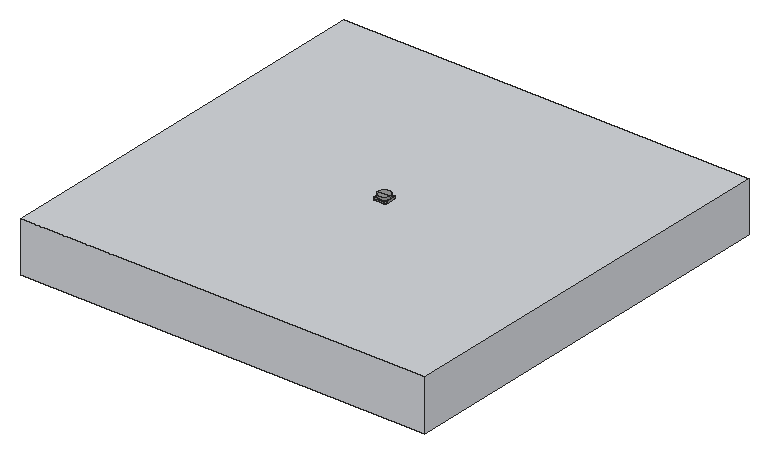
Revit family "Hekatron_Feststellanlagen_ASS 75_DE_22.01", category Brandmelder, Revit 2018
Family settings
  Basisbauteil = Fläche
  Beschriftungsausrichtung beibehalten = Ja
  Bemaßung runder Anschluss = Durchmesser verwenden
  Teiletyp = Normal
  OmniClass-Nummer = 23.85.30.21
  OmniClass-Titel = Environmental Detection/Registration
  Beim Laden mit Abzugskörper schneiden = Nein
  Gemeinsam genutzt = Nein
  Raumberechnungspunkt = Nein
Parameters (values of type "ASS 75")
  Zulässige Umgebungstemperatur = ""
  Zulässige Luftgeschwindigkeit = ""
  Zulassungen nach EN 54 = ""
  Width [instance] = 75 mm
  Version des BIM Objektes = "22.01"
  VdS-Anerkennung = ""
  URL = "https://www.hekatron-brandschutz.de"
  UB A&S Artikel Nummer = "6500025"
  Typenkommentare = "Ankerplatte ASS 75"
  Tiefe (mm) = "75.0"
  Stromaufnahme = ""
  Schutzart = ""
  Rauchteil einstellbar = ""
  Nettogewicht (g) = ""
  Montageart = "Türmontage"
  Modell = "ASS 75"
  Material = "Kunststoff\nMetall"
  Link zum Datenblatt = ""
  Link zu ausschreiben.de = "http://www.ausschreiben.de/katalog/Hekatron/position/78"
  Link zu Produktinformation = "https://www.hekatron-planungstools.de/Produktinfo/ASS_75.PDF"
  Link zu Ausschreibungstext = "https://www.meinhplus.de/login"
  Leistungserklärung (DoP) = ""
  Lautstärke DIN-Ton (dB) = ""
  Kabeleinführung = ""
  Höhe (mm) = "26.0"
  Hersteller = "Hekatron"
  Heigth [instance] = 75 mm
  Funktionsprinzip = ""
  Farbe = "silber/schwarz"
  Ex-Zonen = ""
  Einstellung Temperaturklasse nach EN 54-5 = ""
  Einstellung Temperaturindex nach EN 54-5 = ""
  Einstellung Rauchempfindlichkeit nach EN 54-20 = ""
  Einstellen Rauchempfindlichkeit nach EN 54-7 = ""
  EG-Konformitätszertifikat / Zertifikat der Leistungsbeständigkeit = ""
  Durchmesser (mm) = ""
  Depth [instance] = 26 mm
  Vorgabe-Ansicht = 1200 mm
  Breite (mm) = "75.0"
  Betriebsspannung = ""
  Beschreibung = "Ankerplatte, Durchmesser 75mm, passend zum THM 425-1 und 433-1."
  Bauartgenehmigungen = ""
  Anzahl Ansaugleitungen = ""
  Ansprechtemperatur = ""
  Alarm- & Empfindlichkeitsbereich = ""
Reference planes
  plane 1 "Center (Front/Back)": y = 0
  plane 2: z = 0
  plane 3 "Center (Left/Right)": x = 0
Forms (mm)
  Extrusion 1, solid
    sketch origin (0, 0, 0) x (1, 0, 0) y (0, 1, 0)
      loop
        line (-1219.2, 1219.2) -> (-1219.2, -1219.2) -> (1219.2, -1219.2) -> (1219.2, 1219.2) -> (-1219.2, 1219.2)
    from 0 to -304.8
  Revolve 2, solid, material "Silver"
    sketch origin (0, 0, 18) x (-1, 0, 0) y (0, 0, -1)
      loop
        line (0, 10) -> (-16, 10) -> (-14.944, 4.012)
        arc (-14.944, 4.012) -> (-14.32, 2.88) -> (-13.134, 2.366) r 2
        arc (-13.134, 2.366) -> (-8.571, 2.091) -> (-4, 2) r 114.26
        line (-4, 2) -> (-37.5, 2) -> (-37.5, -8) -> (0, -8) -> (0, 10)
      axis (0, 10) -> (0, -8)
    angle from 0 to 360
  Extrusion 3, solid, material "Steel, Carbon"
    sketch origin (0, 0, 0) x (1, 0, 0) y (0, 1, 0)
      loop
        line (30, 37.5) -> (-30, 37.5)
        arc (-30, 37.5) -> (-35.303, 35.303) -> (-37.5, 30) r 7.5
        line (-37.5, 30) -> (-37.5, -30)
        arc (-37.5, -30) -> (-35.303, -35.303) -> (-30, -37.5) r 7.5
        line (-30, -37.5) -> (30, -37.5)
        arc (30, -37.5) -> (35.303, -35.303) -> (37.5, -30) r 7.5
        line (37.5, -30) -> (37.5, 30)
        arc (37.5, 30) -> (35.303, 35.303) -> (30, 37.5) r 7.5
    from 0.8 to 8
  Extrusion 4, solid, material "Steel, Carbon"
    sketch origin (0, 0, 0) x (1, 0, 0) y (0, 1, 0)
      loop
        circle (30, 30) r 7.5
      loop
        circle (-30, 30) r 7.5
      loop
        circle (30, -30) r 7.5
      loop
        circle (-30, -30) r 7.5
    from 0 to 0.8
  Revolve 5, void
    sketch origin (0, -30, 0) x (1, 0, 0) y (0, 0, -1)
      loop
        line (-24.75, -8) -> (-27.25, -5.5) -> (-27.25, 0) -> (-30, 0) -> (-30, -8) -> (-24.75, -8)
      axis (-30, 0) -> (-30, -8)
    angle from 0 to 360
  Blend 6, void
    base sketch origin (0, 0, 0) x (1, 0, 0) y (0, 1, 0)
      loop
        line (20, 32.5) -> (5, 32.5)
        arc (5, 32.5) -> (3.232, 31.768) -> (2.5, 30) r 2.5
        line (2.5, 30) -> (2.5, 16.771)
        arc (2.5, 16.771) -> (2.996, 15.276) -> (4.286, 14.375) r 2.5
        arc (4.286, 14.375) -> (5.74, 13.858) -> (7.134, 13.195) r 15
        arc (7.134, 13.195) -> (8.684, 12.92) -> (10.091, 13.626) r 2.5
        line (10.091, 13.626) -> (22.109, 25.644)
        arc (22.109, 25.644) -> (22.756, 26.765) -> (22.756, 28.059) r 2.5
        arc (22.756, 28.059) -> (22.564, 29.021) -> (22.5, 30) r 7.5
        arc (22.5, 30) -> (21.768, 31.768) -> (20, 32.5) r 2.5
    top sketch origin (0, 0, 0) x (1, 0, 0) y (0, 1, 0)
      loop
        line (20, 31.1) -> (5, 31.1)
        arc (5, 31.1) -> (4.222, 30.778) -> (3.9, 30) r 1.1
        line (3.9, 30) -> (3.9, 16.771)
        arc (3.9, 16.771) -> (4.118, 16.113) -> (4.686, 15.716) r 1.1
        arc (4.686, 15.716) -> (6.276, 15.152) -> (7.8, 14.426) r 16.4
        arc (7.8, 14.426) -> (8.482, 14.306) -> (9.101, 14.616) r 1.1
        line (9.101, 14.616) -> (21.119, 26.634)
        arc (21.119, 26.634) -> (21.403, 27.127) -> (21.403, 27.697) r 1.1
        arc (21.403, 27.697) -> (21.176, 28.838) -> (21.1, 30) r 8.9
        arc (21.1, 30) -> (20.778, 30.778) -> (20, 31.1) r 1.1
    from 0.8 to 3
  Blend 7, void
    base sketch origin (0, 0, 0) x (1, 0, 0) y (0, 1, 0)
      loop
        circle (0, 0) r 6.985
    top sketch origin (0, 0, 0) x (1, 0, 0) y (0, 1, 0)
      loop
        circle (0, 0) r 7.858
    from 4.17 to 0.8
  Sweep 8, void
    path in 3D
      loop
        arc (-37.5, -30, 8) -> (-35.303, -35.303, 8) -> (-30, -37.5, 8) r 7.5
        line (-30, -37.5, 8) -> (30, -37.5, 8)
        arc (30, -37.5, 8) -> (35.303, -35.303, 8) -> (37.5, -30, 8) r 7.5
        line (37.5, -30, 8) -> (37.5, 30, 8)
        arc (37.5, 30, 8) -> (35.303, 35.303, 8) -> (30, 37.5, 8) r 7.5
        line (30, 37.5, 8) -> (-30, 37.5, 8)
        arc (-30, 37.5, 8) -> (-35.303, 35.303, 8) -> (-37.5, 30, 8) r 7.5
        line (-37.5, 30, 8) -> (-37.5, -30, 8)
    profile origin (-37.5, 0, 8) x (1, 0, 0) y (0, 0, 1)
      loop
        line (0, 0) -> (0, -1)
        arc (0, -1) -> (0.293, -0.293) -> (1, 0) r 1
        line (1, 0) -> (0, 0)
  Blend 9, void
    base sketch origin (0, 0, 0) x (-1, 0, 0) y (0, -1, 0)
      loop
        arc (20, -32.5) -> (21.768, -31.768) -> (22.5, -30) r 2.5
        arc (22.5, -30) -> (22.564, -29.021) -> (22.756, -28.059) r 7.5
        arc (22.756, -28.059) -> (22.756, -26.765) -> (22.109, -25.644) r 2.5
        line (22.109, -25.644) -> (10.091, -13.626)
        arc (10.091, -13.626) -> (8.684, -12.92) -> (7.134, -13.195) r 2.5
        arc (7.134, -13.195) -> (5.74, -13.858) -> (4.286, -14.375) r 15
        arc (4.286, -14.375) -> (2.996, -15.276) -> (2.5, -16.771) r 2.5
        line (2.5, -16.771) -> (2.5, -30)
        arc (2.5, -30) -> (3.232, -31.768) -> (5, -32.5) r 2.5
        line (5, -32.5) -> (20, -32.5)
    top sketch origin (0, 0, 0) x (-1, 0, 0) y (0, -1, 0)
      loop
        arc (20, -31.1) -> (20.778, -30.778) -> (21.1, -30) r 1.1
        arc (21.1, -30) -> (21.176, -28.838) -> (21.403, -27.697) r 8.9
        arc (21.403, -27.697) -> (21.403, -27.127) -> (21.119, -26.634) r 1.1
        line (21.119, -26.634) -> (9.101, -14.616)
        arc (9.101, -14.616) -> (8.482, -14.306) -> (7.8, -14.426) r 1.1
        arc (7.8, -14.426) -> (6.276, -15.152) -> (4.686, -15.716) r 16.4
        arc (4.686, -15.716) -> (4.118, -16.113) -> (3.9, -16.771) r 1.1
        line (3.9, -16.771) -> (3.9, -30)
        arc (3.9, -30) -> (4.222, -30.778) -> (5, -31.1) r 1.1
        line (5, -31.1) -> (20, -31.1)
    from 0.8 to 3
  Blend 10, void
    base sketch origin (0, 0, 0) x (1, 0, 0) y (0, 1, 0)
      loop
        arc (20, -32.5) -> (21.768, -31.768) -> (22.5, -30) r 2.5
        arc (22.5, -30) -> (22.564, -29.021) -> (22.756, -28.059) r 7.5
        arc (22.756, -28.059) -> (22.756, -26.765) -> (22.109, -25.644) r 2.5
        line (22.109, -25.644) -> (10.091, -13.626)
        arc (10.091, -13.626) -> (8.684, -12.92) -> (7.134, -13.195) r 2.5
        arc (7.134, -13.195) -> (5.74, -13.858) -> (4.286, -14.375) r 15
        arc (4.286, -14.375) -> (2.996, -15.276) -> (2.5, -16.771) r 2.5
        line (2.5, -16.771) -> (2.5, -30)
        arc (2.5, -30) -> (3.232, -31.768) -> (5, -32.5) r 2.5
        line (5, -32.5) -> (20, -32.5)
    top sketch origin (0, 0, 0) x (1, 0, 0) y (0, 1, 0)
      loop
        arc (20, -31.1) -> (20.778, -30.778) -> (21.1, -30) r 1.1
        arc (21.1, -30) -> (21.176, -28.838) -> (21.403, -27.697) r 8.9
        arc (21.403, -27.697) -> (21.403, -27.127) -> (21.119, -26.634) r 1.1
        line (21.119, -26.634) -> (9.101, -14.616)
        arc (9.101, -14.616) -> (8.482, -14.306) -> (7.8, -14.426) r 1.1
        arc (7.8, -14.426) -> (6.276, -15.152) -> (4.686, -15.716) r 16.4
        arc (4.686, -15.716) -> (4.118, -16.113) -> (3.9, -16.771) r 1.1
        line (3.9, -16.771) -> (3.9, -30)
        arc (3.9, -30) -> (4.222, -30.778) -> (5, -31.1) r 1.1
        line (5, -31.1) -> (20, -31.1)
    from 0.8 to 3
  Blend 11, void
    base sketch origin (0, 0, 0) x (-1, 0, 0) y (0, -1, 0)
      loop
        line (20, 32.5) -> (5, 32.5)
        arc (5, 32.5) -> (3.232, 31.768) -> (2.5, 30) r 2.5
        line (2.5, 30) -> (2.5, 16.771)
        arc (2.5, 16.771) -> (2.996, 15.276) -> (4.286, 14.375) r 2.5
        arc (4.286, 14.375) -> (5.74, 13.858) -> (7.134, 13.195) r 15
        arc (7.134, 13.195) -> (8.684, 12.92) -> (10.091, 13.626) r 2.5
        line (10.091, 13.626) -> (22.109, 25.644)
        arc (22.109, 25.644) -> (22.756, 26.765) -> (22.756, 28.059) r 2.5
        arc (22.756, 28.059) -> (22.564, 29.021) -> (22.5, 30) r 7.5
        arc (22.5, 30) -> (21.768, 31.768) -> (20, 32.5) r 2.5
    top sketch origin (0, 0, 0) x (-1, 0, 0) y (0, -1, 0)
      loop
        line (20, 31.1) -> (5, 31.1)
        arc (5, 31.1) -> (4.222, 30.778) -> (3.9, 30) r 1.1
        line (3.9, 30) -> (3.9, 16.771)
        arc (3.9, 16.771) -> (4.118, 16.113) -> (4.686, 15.716) r 1.1
        arc (4.686, 15.716) -> (6.276, 15.152) -> (7.8, 14.426) r 16.4
        arc (7.8, 14.426) -> (8.482, 14.306) -> (9.101, 14.616) r 1.1
        line (9.101, 14.616) -> (21.119, 26.634)
        arc (21.119, 26.634) -> (21.403, 27.127) -> (21.403, 27.697) r 1.1
        arc (21.403, 27.697) -> (21.176, 28.838) -> (21.1, 30) r 8.9
        arc (21.1, 30) -> (20.778, 30.778) -> (20, 31.1) r 1.1
    from 0.8 to 3
  Blend 12, void
    base sketch origin (0, 0, 0) x (0, 1, 0) y (-1, 0, 0)
      loop
        arc (20, -32.5) -> (21.768, -31.768) -> (22.5, -30) r 2.5
        arc (22.5, -30) -> (22.564, -29.021) -> (22.756, -28.059) r 7.5
        arc (22.756, -28.059) -> (22.756, -26.765) -> (22.109, -25.644) r 2.5
        line (22.109, -25.644) -> (10.091, -13.626)
        arc (10.091, -13.626) -> (8.684, -12.92) -> (7.134, -13.195) r 2.5
        arc (7.134, -13.195) -> (5.74, -13.858) -> (4.286, -14.375) r 15
        arc (4.286, -14.375) -> (2.996, -15.276) -> (2.5, -16.771) r 2.5
        line (2.5, -16.771) -> (2.5, -30)
        arc (2.5, -30) -> (3.232, -31.768) -> (5, -32.5) r 2.5
        line (5, -32.5) -> (20, -32.5)
    top sketch origin (0, 0, 0) x (0, 1, 0) y (-1, 0, 0)
      loop
        arc (20, -31.1) -> (20.778, -30.778) -> (21.1, -30) r 1.1
        arc (21.1, -30) -> (21.176, -28.838) -> (21.403, -27.697) r 8.9
        arc (21.403, -27.697) -> (21.403, -27.127) -> (21.119, -26.634) r 1.1
        line (21.119, -26.634) -> (9.101, -14.616)
        arc (9.101, -14.616) -> (8.482, -14.306) -> (7.8, -14.426) r 1.1
        arc (7.8, -14.426) -> (6.276, -15.152) -> (4.686, -15.716) r 16.4
        arc (4.686, -15.716) -> (4.118, -16.113) -> (3.9, -16.771) r 1.1
        line (3.9, -16.771) -> (3.9, -30)
        arc (3.9, -30) -> (4.222, -30.778) -> (5, -31.1) r 1.1
        line (5, -31.1) -> (20, -31.1)
    from 0.8 to 3
  Blend 13, void
    base sketch origin (0, 0, 0) x (0, -1, 0) y (1, 0, 0)
      loop
        line (20, 32.5) -> (5, 32.5)
        arc (5, 32.5) -> (3.232, 31.768) -> (2.5, 30) r 2.5
        line (2.5, 30) -> (2.5, 16.771)
        arc (2.5, 16.771) -> (2.996, 15.276) -> (4.286, 14.375) r 2.5
        arc (4.286, 14.375) -> (5.74, 13.858) -> (7.134, 13.195) r 15
        arc (7.134, 13.195) -> (8.684, 12.92) -> (10.091, 13.626) r 2.5
        line (10.091, 13.626) -> (22.109, 25.644)
        arc (22.109, 25.644) -> (22.756, 26.765) -> (22.756, 28.059) r 2.5
        arc (22.756, 28.059) -> (22.564, 29.021) -> (22.5, 30) r 7.5
        arc (22.5, 30) -> (21.768, 31.768) -> (20, 32.5) r 2.5
    top sketch origin (0, 0, 0) x (0, -1, 0) y (1, 0, 0)
      loop
        line (20, 31.1) -> (5, 31.1)
        arc (5, 31.1) -> (4.222, 30.778) -> (3.9, 30) r 1.1
        line (3.9, 30) -> (3.9, 16.771)
        arc (3.9, 16.771) -> (4.118, 16.113) -> (4.686, 15.716) r 1.1
        arc (4.686, 15.716) -> (6.276, 15.152) -> (7.8, 14.426) r 16.4
        arc (7.8, 14.426) -> (8.482, 14.306) -> (9.101, 14.616) r 1.1
        line (9.101, 14.616) -> (21.119, 26.634)
        arc (21.119, 26.634) -> (21.403, 27.127) -> (21.403, 27.697) r 1.1
        arc (21.403, 27.697) -> (21.176, 28.838) -> (21.1, 30) r 8.9
        arc (21.1, 30) -> (20.778, 30.778) -> (20, 31.1) r 1.1
    from 0.8 to 3
  Blend 14, void
    base sketch origin (0, 0, 0) x (0, 1, 0) y (-1, 0, 0)
      loop
        line (20, 32.5) -> (5, 32.5)
        arc (5, 32.5) -> (3.232, 31.768) -> (2.5, 30) r 2.5
        line (2.5, 30) -> (2.5, 16.771)
        arc (2.5, 16.771) -> (2.996, 15.276) -> (4.286, 14.375) r 2.5
        arc (4.286, 14.375) -> (5.74, 13.858) -> (7.134, 13.195) r 15
        arc (7.134, 13.195) -> (8.684, 12.92) -> (10.091, 13.626) r 2.5
        line (10.091, 13.626) -> (22.109, 25.644)
        arc (22.109, 25.644) -> (22.756, 26.765) -> (22.756, 28.059) r 2.5
        arc (22.756, 28.059) -> (22.564, 29.021) -> (22.5, 30) r 7.5
        arc (22.5, 30) -> (21.768, 31.768) -> (20, 32.5) r 2.5
    top sketch origin (0, 0, 0) x (0, 1, 0) y (-1, 0, 0)
      loop
        line (20, 31.1) -> (5, 31.1)
        arc (5, 31.1) -> (4.222, 30.778) -> (3.9, 30) r 1.1
        line (3.9, 30) -> (3.9, 16.771)
        arc (3.9, 16.771) -> (4.118, 16.113) -> (4.686, 15.716) r 1.1
        arc (4.686, 15.716) -> (6.276, 15.152) -> (7.8, 14.426) r 16.4
        arc (7.8, 14.426) -> (8.482, 14.306) -> (9.101, 14.616) r 1.1
        line (9.101, 14.616) -> (21.119, 26.634)
        arc (21.119, 26.634) -> (21.403, 27.127) -> (21.403, 27.697) r 1.1
        arc (21.403, 27.697) -> (21.176, 28.838) -> (21.1, 30) r 8.9
        arc (21.1, 30) -> (20.778, 30.778) -> (20, 31.1) r 1.1
    from 0.8 to 3
  Blend 15, void
    base sketch origin (0, 0, 0) x (0, -1, 0) y (1, 0, 0)
      loop
        arc (20, -32.5) -> (21.768, -31.768) -> (22.5, -30) r 2.5
        arc (22.5, -30) -> (22.564, -29.021) -> (22.756, -28.059) r 7.5
        arc (22.756, -28.059) -> (22.756, -26.765) -> (22.109, -25.644) r 2.5
        line (22.109, -25.644) -> (10.091, -13.626)
        arc (10.091, -13.626) -> (8.684, -12.92) -> (7.134, -13.195) r 2.5
        arc (7.134, -13.195) -> (5.74, -13.858) -> (4.286, -14.375) r 15
        arc (4.286, -14.375) -> (2.996, -15.276) -> (2.5, -16.771) r 2.5
        line (2.5, -16.771) -> (2.5, -30)
        arc (2.5, -30) -> (3.232, -31.768) -> (5, -32.5) r 2.5
        line (5, -32.5) -> (20, -32.5)
    top sketch origin (0, 0, 0) x (0, -1, 0) y (1, 0, 0)
      loop
        arc (20, -31.1) -> (20.778, -30.778) -> (21.1, -30) r 1.1
        arc (21.1, -30) -> (21.176, -28.838) -> (21.403, -27.697) r 8.9
        arc (21.403, -27.697) -> (21.403, -27.127) -> (21.119, -26.634) r 1.1
        line (21.119, -26.634) -> (9.101, -14.616)
        arc (9.101, -14.616) -> (8.482, -14.306) -> (7.8, -14.426) r 1.1
        arc (7.8, -14.426) -> (6.276, -15.152) -> (4.686, -15.716) r 16.4
        arc (4.686, -15.716) -> (4.118, -16.113) -> (3.9, -16.771) r 1.1
        line (3.9, -16.771) -> (3.9, -30)
        arc (3.9, -30) -> (4.222, -30.778) -> (5, -31.1) r 1.1
        line (5, -31.1) -> (20, -31.1)
    from 0.8 to 3
  Revolve 16, void
    sketch origin (0, -30, 0) x (-1, 0, 0) y (0, 0, 1)
      loop
        line (-24.75, 8) -> (-30, 8) -> (-30, 0) -> (-27.25, 0) -> (-27.25, 5.5) -> (-24.75, 8)
      axis (-30, 0) -> (-30, 8)
    angle from 0 to 360
  Revolve 17, void
    sketch origin (0, 30, 0) x (1, 0, 0) y (0, 0, 1)
      loop
        line (-24.75, 8) -> (-30, 8) -> (-30, 0) -> (-27.25, 0) -> (-27.25, 5.5) -> (-24.75, 8)
      axis (-30, 0) -> (-30, 8)
    angle from 0 to 360
  Revolve 18, void
    sketch origin (0, 30, 0) x (-1, 0, 0) y (0, 0, -1)
      loop
        line (-24.75, -8) -> (-27.25, -5.5) -> (-27.25, 0) -> (-30, 0) -> (-30, -8) -> (-24.75, -8)
      axis (-30, 0) -> (-30, -8)
    angle from 0 to 360
Cuts and joins
  Revolve 5, Blend 6, Blend 7, Sweep 8, Blend 9, Blend 10, Blend 11, Blend 12, Blend 13, Blend 14, Blend 15, Revolve 16, Revolve 17, Revolve 18 cuts Extrusion 3
  Revolve 5, Blend 9, Blend 10, Blend 11, Blend 12, Blend 13, Blend 14, Blend 15, Revolve 16, Revolve 17, Revolve 18 cuts Extrusion 4
Lines and regions (mm)
  sketch lines
    curve 1: line (-37.5, 30, 8) -> (-37.5, -30, 8)
    curve 2: arc (-37.5, 30, 8) -> (-35.303, 35.303, 8) -> (-30, 37.5, 8) r 7.5
    curve 3: line (30, 37.5, 8) -> (-30, 37.5, 8)
    curve 4: arc (-30, -37.5, 8) -> (-35.303, -35.303, 8) -> (-37.5, -30, 8) r 7.5
    curve 5: line (-30, -37.5, 8) -> (30, -37.5, 8)
    curve 6: arc (37.5, -30, 8) -> (35.303, -35.303, 8) -> (30, -37.5, 8) r 7.5
    curve 7: line (37.5, -30, 8) -> (37.5, 30, 8)
    curve 8: arc (30, 37.5, 8) -> (35.303, 35.303, 8) -> (37.5, 30, 8) r 7.5
Dimensions and locks
  "Depth": Revolve 2 to Extrusion 1
  "Width": cut or joined group 1 (Extrusion 3, Revolve 5, Blend 6, Blend 7, Sweep 8, Blend 9, Blend 10, Blend 11, Blend 12, Blend 13, Blend 14, Blend 15, Revolve 16, Revolve 17, Revolve 18) to cut or joined group 1
  "Heigth": cut or joined group 1 to cut or joined group 1
  aligned and locked: plane 2 to Extrusion 1
  aligned and locked: level to Extrusion 1
Automatic sketch dimensions
  Extrusion 1 sketch curve to Extrusion 1 sketch curve = 2438.4 mm  (x2)
  Revolve 2 sketch curve to plane 3 "Center (Left/Right)" = 0 mm  (x2)
  plane 3 "Center (Left/Right)" to Revolve 2 sketch curve = 4 mm
  Revolve 2 sketch curve to Revolve 2 sketch curve = 8.975 mm
  Revolve 2 sketch curve to Revolve 2 sketch curve = 1.97 mm
  level to Revolve 2 sketch curve = 8 mm
  Revolve 2 sketch curve to Revolve 2 sketch curve = 1.056 mm
  Revolve 2 sketch curve to Revolve 2 sketch curve = 22.556 mm
  Revolve 2 sketch curve to Revolve 2 sketch curve = 5.641 mm
  Revolve 2 sketch curve to Revolve 2 sketch curve = 0.347 mm
  level to Revolve 2 sketch curve = 16 mm
  Revolve 2 sketch curve to Revolve 2 sketch curve = 10 mm
  Revolve 2 sketch curve to level = 98.26 mm
  Revolve 2 sketch curve to Revolve 2 sketch curve = 0 mm  (x4)
  Extrusion 3 sketch curve to plane 3 "Center (Left/Right)" = 37.5 mm
  Extrusion 3 sketch curve to Extrusion 3 sketch curve = 7.5 mm  (x3)
  plane 3 "Center (Left/Right)" to Extrusion 3 sketch curve = 30 mm  (x2)
  plane 1 "Center (Front/Back)" to Extrusion 3 sketch curve = 37.5 mm
  Extrusion 3 sketch curve to plane 1 "Center (Front/Back)" = 30 mm
  Extrusion 4 sketch curve to plane 3 "Center (Left/Right)" = 30 mm  (x2)
  plane 3 "Center (Left/Right)" to Extrusion 4 sketch curve = 30 mm  (x2)
  plane 1 "Center (Front/Back)" to Extrusion 4 sketch curve = 30 mm  (x2)
  Extrusion 4 sketch curve to plane 1 "Center (Front/Back)" = 30 mm  (x2)
  Revolve 5 sketch curve to level = 0 mm  (x2)
  Revolve 5 sketch curve to plane 3 "Center (Left/Right)" = 30 mm
  Revolve 5 sketch curve to Revolve 5 sketch curve = 2.75 mm
  Revolve 5 sketch curve to Revolve 5 sketch curve = 2.5 mm  (x2)
  Revolve 5 sketch curve to Revolve 5 sketch curve = 5.5 mm
  Revolve 5 sketch curve to Revolve 5 sketch curve = 0 mm
  Revolve 5 sketch curve to Revolve 5 sketch curve = 1.577 mm
  plane 1 "Center (Front/Back)" to Blend 6 sketch curve = 0 mm  (x2)
  Blend 6 sketch curve to plane 3 "Center (Left/Right)" = 0 mm  (x2)
  plane 3 "Center (Left/Right)" to Blend 6 sketch curve = 2.5 mm
  Blend 6 sketch curve to Blend 6 sketch curve = 2.5 mm  (x2)
  Blend 6 sketch curve to Blend 6 sketch curve = 3.323 mm  (x2)
  Blend 6 sketch curve to Blend 6 sketch curve = 1.768 mm  (x4)
  Blend 6 sketch curve to Blend 6 sketch curve = 15 mm  (x2)
  Blend 6 sketch curve to Blend 6 sketch curve = 0.341 mm  (x2)
  Blend 6 sketch curve to Blend 6 sketch curve = 7.891 mm
  Blend 6 sketch curve to plane 1 "Center (Front/Back)" = 13.626 mm
  Blend 6 sketch curve to Blend 6 sketch curve = 1.376 mm  (x2)
  Blend 6 sketch curve to Blend 6 sketch curve = 12.018 mm  (x2)
  Blend 6 sketch curve to Blend 6 sketch curve = 2.588 mm
  Blend 6 sketch curve to Blend 6 sketch curve = 13.229 mm  (x2)
  Blend 6 sketch curve to Blend 6 sketch curve = 0 mm  (x4)
  plane 3 "Center (Left/Right)" to Blend 6 sketch curve = 3.9 mm
  Blend 6 sketch curve to Blend 6 sketch curve = 1.1 mm  (x3)
  Blend 6 sketch curve to Blend 6 sketch curve = 0.778 mm  (x4)
  Blend 6 sketch curve to Blend 6 sketch curve = 8.881 mm
  Blend 6 sketch curve to plane 1 "Center (Front/Back)" = 14.616 mm
  Blend 7 sketch curve to Blend 7 sketch curve = 0 mm  (x4)
  Blend 7 sketch curve to plane 3 "Center (Left/Right)" = 0 mm  (x2)
  plane 1 "Center (Front/Back)" to Blend 7 sketch curve = 0 mm  (x2)
  plane 1 "Center (Front/Back)" to Blend 7 sketch curve = 6.985 mm
  plane 1 "Center (Front/Back)" to Blend 7 sketch curve = 7.858 mm
  profile plane to Sweep 8 sketch curve = 0 mm
  Sweep 8 sketch curve to profile plane = 0 mm
  Sweep 8 sketch curve to profile plane = 1 mm
  plane 1 "Center (Front/Back)" to Blend 9 sketch curve = 0 mm  (x2)
  Blend 9 sketch curve to plane 3 "Center (Left/Right)" = 0 mm  (x2)
  plane 3 "Center (Left/Right)" to Blend 9 sketch curve = 2.5 mm
  Blend 9 sketch curve to Blend 9 sketch curve = 2.5 mm  (x2)
  Blend 9 sketch curve to Blend 9 sketch curve = 3.323 mm  (x2)
  Blend 9 sketch curve to Blend 9 sketch curve = 1.768 mm  (x4)
  Blend 9 sketch curve to Blend 9 sketch curve = 15 mm  (x2)
  Blend 9 sketch curve to Blend 9 sketch curve = 0.341 mm  (x2)
  Blend 9 sketch curve to Blend 9 sketch curve = 7.891 mm
  plane 1 "Center (Front/Back)" to Blend 9 sketch curve = 13.626 mm
  Blend 9 sketch curve to Blend 9 sketch curve = 1.376 mm  (x2)
  Blend 9 sketch curve to Blend 9 sketch curve = 12.018 mm  (x2)
  Blend 9 sketch curve to Blend 9 sketch curve = 2.588 mm
  Blend 9 sketch curve to Blend 9 sketch curve = 13.229 mm  (x2)
  Blend 9 sketch curve to Blend 9 sketch curve = 0 mm  (x4)
  plane 3 "Center (Left/Right)" to Blend 9 sketch curve = 3.9 mm
  Blend 9 sketch curve to Blend 9 sketch curve = 1.1 mm  (x3)
  Blend 9 sketch curve to Blend 9 sketch curve = 0.778 mm  (x4)
  Blend 9 sketch curve to Blend 9 sketch curve = 8.881 mm
  plane 1 "Center (Front/Back)" to Blend 9 sketch curve = 14.616 mm
  plane 1 "Center (Front/Back)" to Blend 10 sketch curve = 0 mm  (x2)
  Blend 10 sketch curve to plane 3 "Center (Left/Right)" = 0 mm  (x2)
  Blend 10 sketch curve to plane 3 "Center (Left/Right)" = 2.5 mm
  Blend 10 sketch curve to Blend 10 sketch curve = 2.5 mm  (x2)
  Blend 10 sketch curve to Blend 10 sketch curve = 3.323 mm  (x2)
  Blend 10 sketch curve to Blend 10 sketch curve = 1.768 mm  (x4)
  Blend 10 sketch curve to Blend 10 sketch curve = 15 mm  (x2)
  Blend 10 sketch curve to Blend 10 sketch curve = 0.341 mm  (x2)
  Blend 10 sketch curve to Blend 10 sketch curve = 7.891 mm
  Blend 10 sketch curve to plane 1 "Center (Front/Back)" = 13.626 mm
  Blend 10 sketch curve to Blend 10 sketch curve = 1.376 mm  (x2)
  Blend 10 sketch curve to Blend 10 sketch curve = 12.018 mm  (x2)
  Blend 10 sketch curve to Blend 10 sketch curve = 2.588 mm
  Blend 10 sketch curve to Blend 10 sketch curve = 13.229 mm  (x2)
  Blend 10 sketch curve to Blend 10 sketch curve = 0 mm  (x4)
  Blend 10 sketch curve to plane 3 "Center (Left/Right)" = 3.9 mm
  Blend 10 sketch curve to Blend 10 sketch curve = 1.1 mm  (x3)
  Blend 10 sketch curve to Blend 10 sketch curve = 0.778 mm  (x4)
  Blend 10 sketch curve to Blend 10 sketch curve = 8.881 mm
  Blend 10 sketch curve to plane 1 "Center (Front/Back)" = 14.616 mm
  plane 1 "Center (Front/Back)" to Blend 11 sketch curve = 0 mm  (x2)
  Blend 11 sketch curve to plane 3 "Center (Left/Right)" = 0 mm  (x2)
  Blend 11 sketch curve to plane 3 "Center (Left/Right)" = 2.5 mm
  Blend 11 sketch curve to Blend 11 sketch curve = 2.5 mm  (x2)
  Blend 11 sketch curve to Blend 11 sketch curve = 3.323 mm  (x2)
  Blend 11 sketch curve to Blend 11 sketch curve = 1.768 mm  (x4)
  Blend 11 sketch curve to Blend 11 sketch curve = 15 mm  (x2)
  Blend 11 sketch curve to Blend 11 sketch curve = 0.341 mm  (x2)
  Blend 11 sketch curve to Blend 11 sketch curve = 7.891 mm
  plane 1 "Center (Front/Back)" to Blend 11 sketch curve = 13.626 mm
  Blend 11 sketch curve to Blend 11 sketch curve = 1.376 mm  (x2)
  Blend 11 sketch curve to Blend 11 sketch curve = 12.018 mm  (x2)
  Blend 11 sketch curve to Blend 11 sketch curve = 2.588 mm
  Blend 11 sketch curve to Blend 11 sketch curve = 13.229 mm  (x2)
  Blend 11 sketch curve to Blend 11 sketch curve = 0 mm  (x4)
  Blend 11 sketch curve to plane 3 "Center (Left/Right)" = 3.9 mm
  Blend 11 sketch curve to Blend 11 sketch curve = 1.1 mm  (x3)
  Blend 11 sketch curve to Blend 11 sketch curve = 0.778 mm  (x4)
  Blend 11 sketch curve to Blend 11 sketch curve = 8.881 mm
  plane 1 "Center (Front/Back)" to Blend 11 sketch curve = 14.616 mm
  plane 1 "Center (Front/Back)" to Blend 12 sketch curve = 0 mm  (x2)
  Blend 12 sketch curve to plane 3 "Center (Left/Right)" = 0 mm  (x2)
  plane 1 "Center (Front/Back)" to Blend 12 sketch curve = 2.5 mm
  Blend 12 sketch curve to Blend 12 sketch curve = 2.5 mm  (x2)
  Blend 12 sketch curve to Blend 12 sketch curve = 3.323 mm  (x2)
  Blend 12 sketch curve to Blend 12 sketch curve = 1.768 mm  (x4)
  Blend 12 sketch curve to Blend 12 sketch curve = 15 mm  (x2)
  Blend 12 sketch curve to Blend 12 sketch curve = 0.341 mm  (x2)
  Blend 12 sketch curve to Blend 12 sketch curve = 7.891 mm
  Blend 12 sketch curve to plane 3 "Center (Left/Right)" = 13.626 mm
  Blend 12 sketch curve to Blend 12 sketch curve = 1.376 mm  (x2)
  Blend 12 sketch curve to Blend 12 sketch curve = 12.018 mm  (x2)
  Blend 12 sketch curve to Blend 12 sketch curve = 2.588 mm
  Blend 12 sketch curve to Blend 12 sketch curve = 13.229 mm  (x2)
  Blend 12 sketch curve to Blend 12 sketch curve = 0 mm  (x4)
  plane 1 "Center (Front/Back)" to Blend 12 sketch curve = 3.9 mm
  Blend 12 sketch curve to Blend 12 sketch curve = 1.1 mm  (x3)
  Blend 12 sketch curve to Blend 12 sketch curve = 0.778 mm  (x4)
  Blend 12 sketch curve to Blend 12 sketch curve = 8.881 mm
  Blend 12 sketch curve to plane 3 "Center (Left/Right)" = 14.616 mm
  plane 1 "Center (Front/Back)" to Blend 13 sketch curve = 0 mm  (x2)
  Blend 13 sketch curve to plane 3 "Center (Left/Right)" = 0 mm  (x2)
  plane 1 "Center (Front/Back)" to Blend 13 sketch curve = 2.5 mm
  Blend 13 sketch curve to Blend 13 sketch curve = 2.5 mm  (x2)
  Blend 13 sketch curve to Blend 13 sketch curve = 3.323 mm  (x2)
  Blend 13 sketch curve to Blend 13 sketch curve = 1.768 mm  (x4)
  Blend 13 sketch curve to Blend 13 sketch curve = 15 mm  (x2)
  Blend 13 sketch curve to Blend 13 sketch curve = 0.341 mm  (x2)
  Blend 13 sketch curve to Blend 13 sketch curve = 7.891 mm
  plane 3 "Center (Left/Right)" to Blend 13 sketch curve = 13.626 mm
  Blend 13 sketch curve to Blend 13 sketch curve = 1.376 mm  (x2)
  Blend 13 sketch curve to Blend 13 sketch curve = 12.018 mm  (x2)
  Blend 13 sketch curve to Blend 13 sketch curve = 2.588 mm
  Blend 13 sketch curve to Blend 13 sketch curve = 13.229 mm  (x2)
  Blend 13 sketch curve to Blend 13 sketch curve = 0 mm  (x4)
  plane 1 "Center (Front/Back)" to Blend 13 sketch curve = 3.9 mm
  Blend 13 sketch curve to Blend 13 sketch curve = 1.1 mm  (x3)
  Blend 13 sketch curve to Blend 13 sketch curve = 0.778 mm  (x4)
  Blend 13 sketch curve to Blend 13 sketch curve = 8.881 mm
  plane 3 "Center (Left/Right)" to Blend 13 sketch curve = 14.616 mm
  plane 1 "Center (Front/Back)" to Blend 14 sketch curve = 0 mm  (x2)
  Blend 14 sketch curve to plane 3 "Center (Left/Right)" = 0 mm  (x2)
  Blend 14 sketch curve to plane 1 "Center (Front/Back)" = 2.5 mm
  Blend 14 sketch curve to Blend 14 sketch curve = 2.5 mm  (x2)
  Blend 14 sketch curve to Blend 14 sketch curve = 3.323 mm  (x2)
  Blend 14 sketch curve to Blend 14 sketch curve = 1.768 mm  (x4)
  Blend 14 sketch curve to Blend 14 sketch curve = 15 mm  (x2)
  Blend 14 sketch curve to Blend 14 sketch curve = 0.341 mm  (x2)
  Blend 14 sketch curve to Blend 14 sketch curve = 7.891 mm
  Blend 14 sketch curve to plane 3 "Center (Left/Right)" = 13.626 mm
  Blend 14 sketch curve to Blend 14 sketch curve = 1.376 mm  (x2)
  Blend 14 sketch curve to Blend 14 sketch curve = 12.018 mm  (x2)
  Blend 14 sketch curve to Blend 14 sketch curve = 2.588 mm
  Blend 14 sketch curve to Blend 14 sketch curve = 13.229 mm  (x2)
  Blend 14 sketch curve to Blend 14 sketch curve = 0 mm  (x4)
  Blend 14 sketch curve to plane 1 "Center (Front/Back)" = 3.9 mm
  Blend 14 sketch curve to Blend 14 sketch curve = 1.1 mm  (x3)
  Blend 14 sketch curve to Blend 14 sketch curve = 0.778 mm  (x4)
  Blend 14 sketch curve to Blend 14 sketch curve = 8.881 mm
  Blend 14 sketch curve to plane 3 "Center (Left/Right)" = 14.616 mm
  plane 1 "Center (Front/Back)" to Blend 15 sketch curve = 0 mm  (x2)
  Blend 15 sketch curve to plane 3 "Center (Left/Right)" = 0 mm  (x2)
  Blend 15 sketch curve to plane 1 "Center (Front/Back)" = 2.5 mm
  Blend 15 sketch curve to Blend 15 sketch curve = 2.5 mm  (x2)
  Blend 15 sketch curve to Blend 15 sketch curve = 3.323 mm  (x2)
  Blend 15 sketch curve to Blend 15 sketch curve = 1.768 mm  (x4)
  Blend 15 sketch curve to Blend 15 sketch curve = 15 mm  (x2)
  Blend 15 sketch curve to Blend 15 sketch curve = 0.341 mm  (x2)
  Blend 15 sketch curve to Blend 15 sketch curve = 7.891 mm
  plane 3 "Center (Left/Right)" to Blend 15 sketch curve = 13.626 mm
  Blend 15 sketch curve to Blend 15 sketch curve = 1.376 mm  (x2)
  Blend 15 sketch curve to Blend 15 sketch curve = 12.018 mm  (x2)
  Blend 15 sketch curve to Blend 15 sketch curve = 2.588 mm
  Blend 15 sketch curve to Blend 15 sketch curve = 13.229 mm  (x2)
  Blend 15 sketch curve to Blend 15 sketch curve = 0 mm  (x4)
  Blend 15 sketch curve to plane 1 "Center (Front/Back)" = 3.9 mm
  Blend 15 sketch curve to Blend 15 sketch curve = 1.1 mm  (x3)
  Blend 15 sketch curve to Blend 15 sketch curve = 0.778 mm  (x4)
  Blend 15 sketch curve to Blend 15 sketch curve = 8.881 mm
  plane 3 "Center (Left/Right)" to Blend 15 sketch curve = 14.616 mm
  Revolve 16 sketch curve to level = 0 mm  (x2)
  plane 3 "Center (Left/Right)" to Revolve 16 sketch curve = 30 mm
  Revolve 16 sketch curve to Revolve 16 sketch curve = 2.75 mm
  Revolve 16 sketch curve to Revolve 16 sketch curve = 2.5 mm  (x2)
  Revolve 16 sketch curve to Revolve 16 sketch curve = 5.5 mm
  Revolve 16 sketch curve to Revolve 16 sketch curve = 0 mm
  Revolve 16 sketch curve to Revolve 16 sketch curve = 1.577 mm
  Revolve 17 sketch curve to level = 0 mm  (x2)
  Revolve 17 sketch curve to plane 3 "Center (Left/Right)" = 30 mm
  Revolve 17 sketch curve to Revolve 17 sketch curve = 2.75 mm
  Revolve 17 sketch curve to Revolve 17 sketch curve = 2.5 mm  (x2)
  level to Revolve 17 sketch curve = 5.5 mm
  Revolve 17 sketch curve to Revolve 17 sketch curve = 0 mm
  Revolve 17 sketch curve to Revolve 17 sketch curve = 1.577 mm
  Revolve 18 sketch curve to level = 0 mm  (x2)
  plane 3 "Center (Left/Right)" to Revolve 18 sketch curve = 30 mm
  Revolve 18 sketch curve to Revolve 18 sketch curve = 2.75 mm
  Revolve 18 sketch curve to Revolve 18 sketch curve = 2.5 mm  (x2)
  level to Revolve 18 sketch curve = 5.5 mm
  Revolve 18 sketch curve to Revolve 18 sketch curve = 0 mm
  Revolve 18 sketch curve to Revolve 18 sketch curve = 1.577 mm
  radius of Extrusion 4 sketch curve = 7.5 mm  (x4)
